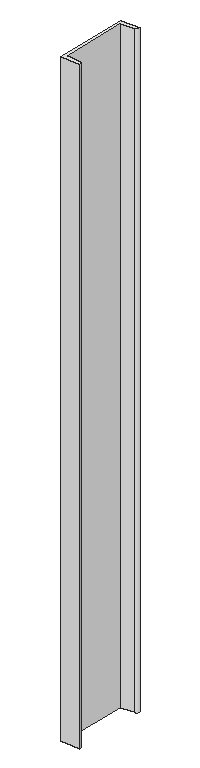
Revit family "M_C-Canal-Coluna", category Pilares estruturais, Revit 2019
Family settings
  Forma do corte = Não definido
  Material para o comportamento do modelo = Aço
  Exportar sempre como geometria = Não
  Redução da viga na planta = Da caixa de vinculação
  Corte com vazios quando carregada = Não
  Representação simbólica = Das configurações de projeto
  Compartilhado = Não
  Exibir o pré-corte da família na vista da planta = Sim
Parameters (values of type "C310X45")
  x = 17.1 mm
  W = 0.438
  Structural Material [instance] = Aço, 45-345
  Código de montagem = "B10"
  bf = 80.5 mm
  d = 305 mm
  tf = 12.7 mm
  tw = 13 mm
  A = 5690.00 mm²
Reference planes
  plane 1: y = 0
  plane 2: z = 0
  plane 3: x = 0
  plane 4: x = 63.4
  plane 5: y = 152.5
  plane 6: y = -152.5
  plane 7: x = -17.1
  plane 8: y = 139.8
  plane 9: y = -139.8
  plane 10: x = -4.1
  plane 11: x = 50.7
Forms (mm)
  Extrusion 1, solid, material "Aço, 45-345" <- "Structural Material", detail levels medium
    sketch origin (-22.1, 0, 0) x (1, 0, 0) y (0, 1, 0)
      loop
        line (85.5, 152.5) -> (5, 152.5) -> (5, -152.5) -> (85.5, -152.5) -> (85.5, -139.8) -> (18, -129.109) -> (18, 129.109) -> (85.5, 139.8) -> (85.5, 152.5)
    from 0 to 2500
  Extrusion 2, solid, material "Aço, 45-345" <- "Structural Material", detail levels fine
    sketch origin (-22.1, 0, 0) x (1, 0, 0) y (0, 1, 0)
      loop
        line (85.5, 152.5) -> (5, 152.5) -> (5, -152.5) -> (85.5, -152.5)
        arc (85.5, -152.5) -> (81.78, -143.52) -> (72.8, -139.8) r 12.7
        line (72.8, -139.8) -> (18, -131.121) -> (18, 131.121) -> (72.8, 139.8)
        arc (72.8, 139.8) -> (81.78, 143.52) -> (85.5, 152.5) r 12.7
    from 0 to 2500
Lines and regions (mm)
  symbolic lines, style "StructuralColumnStickSymbols", detail levels coarse
    curve 1: line (-17.1, 152.5, 0) -> (63.4, 152.5, 0)
    curve 2: line (-17.1, -152.5, 0) -> (63.4, -152.5, 0)
    curve 3: line (-17.1, 152.5, 0) -> (-17.1, -152.5, 0)
  symbolic lines, style "Faces ocultas", detail levels medium+fine
    curve 4: line (-4.1, 0, 2500) -> (-4.1, 0, 0)
    curve 5: line (-4.1, 129.109, 2500) -> (-4.1, 129.109, 0)
    curve 6: line (-4.1, -129.109, 0) -> (-4.1, -129.109, 2500)
Dimensions and locks
  equal spacing: plane 6, plane 1, plane 5
  "d": plane 6 to plane 5
  "bf": plane 7 to plane 4
  "tf": plane 5 to plane 8
  "tf": plane 6 to plane 9
  "tw": plane 7 to plane 10
  "tf": plane 11 to plane 4
  "x": plane 7 to plane 3
  "tf": radius of Extrusion 2 sketch curve  (x2)
  locked: plane 8 to Extrusion 1 sketch curve (angle 9.00°)
  locked: Extrusion 1 sketch curve to plane 9 (angle 9.00°)
  locked: Extrusion 2 sketch curve to plane 9 (angle 9.00°)
  angle plane 8 to Extrusion 2 sketch curve = 9.00°
  aligned and locked: level to plane 2
  aligned and locked: plane 7 to curve 2
  aligned and locked: plane 7 to curve 1
  aligned and locked: plane 4 to curve 2
  aligned and locked: plane 4 to curve 1
  aligned and locked: plane 5 to curve 1
  aligned and locked: plane 6 to curve 3
  aligned and locked: level to curve 4  (x2)
  aligned and locked: plane 10 to curve 4
  aligned and locked: plane 5 to Extrusion 1 sketch curve
  aligned and locked: Extrusion 1 sketch curve to plane 7
  aligned and locked: Extrusion 1 sketch curve to plane 6
  aligned and locked: plane 10 to Extrusion 1 sketch curve
  aligned and locked: plane 4 to Extrusion 1 sketch curve  (x4)
  aligned and locked: plane 9 to Extrusion 1 sketch curve
  aligned and locked: Extrusion 2 sketch curve to plane 5
  aligned and locked: plane 7 to Extrusion 2 sketch curve
  aligned and locked: plane 6 to Extrusion 2 sketch curve
  aligned and locked: Extrusion 2 sketch curve to plane 10
  aligned and locked: plane 11 to Extrusion 2 sketch curve  (x4)
  aligned and locked: plane 9 to Extrusion 2 sketch curve
  aligned and locked: plane 8 to Extrusion 2 sketch curve
  aligned and locked: level to Extrusion 2
  aligned and locked: level to Extrusion 1
  aligned and locked: Extrusion 1 to plane 2
  aligned and locked: Extrusion 2 to plane 2
  aligned and locked: level to curve 5
  aligned and locked: level to curve 6
  aligned and locked: plane 2 to curve 5
  aligned and locked: plane 2 to curve 6
  aligned and locked: curve 5 to Extrusion 1
  aligned and locked: curve 6 to Extrusion 1
Automatic sketch dimensions
  Extrusion 1 sketch curve to plane 8 = 0 mm
Types in the file's own list only (30): name | x | W | bf | d | tf | tw | A
  C380X74 | 20 mm | 0.73 | 94 mm | 381 mm | 17 mm | 18 mm | 9480.00 mm²
  C380X60 | 20 mm | 0.584 | 89 mm | 381 mm | 17 mm | 13 mm | 7580.00 mm²
  C380X50.4 | 20 mm | 0.495 | 86 mm | 381 mm | 17 mm | 10 mm | 6420.00 mm²
  C310X37 | 17 mm | 0.365 | 77 mm | 305 mm | 13 mm | 10 mm | 4730.00 mm²
  C310X30.8 | 18 mm | 0.302 | 75 mm | 305 mm | 13 mm | 7 mm | 3920.00 mm²
  C250X45 | 17 mm | 0.438 | 77 mm | 254 mm | 11 mm | 17 mm | 5690.00 mm²
  C250X37 | 16 mm | 0.365 | 73 mm | 254 mm | 11 mm | 13 mm | 4740.00 mm²
  C250X30 | 15 mm | 0.292 | 70 mm | 254 mm | 11 mm | 10 mm | 3790.00 mm²
  C250X22.8 | 16 mm | 0.223 | 66 mm | 254 mm | 11 mm | 6 mm | 2890.00 mm²
  C230X30 | 15 mm | 0.292 | 67 mm | 229 mm | 11 mm | 11 mm | 3790.00 mm²
  C230X22 | 15 mm | 0.219 | 63 mm | 229 mm | 11 mm | 7 mm | 2840.00 mm²
  C230X19.9 | 15 mm | 0.196 | 62 mm | 229 mm | 11 mm | 6 mm | 2540.00 mm²
  C200X27.9 | 14 mm | 0.274 | 64 mm | 203 mm | 10 mm | 12 mm | 3550.00 mm²
  C200X20.5 | 14 mm | 0.201 | 60 mm | 203 mm | 10 mm | 8 mm | 2600.00 mm²
  C200X17.1 | 15 mm | 0.168 | 57 mm | 203 mm | 10 mm | 6 mm | 2180.00 mm²
  C180X22 | 14 mm | 0.215 | 58 mm | 178 mm | 9 mm | 11 mm | 2790.00 mm²
  C180X18.2 | 13 mm | 0.179 | 56 mm | 178 mm | 9 mm | 8 mm | 2320.00 mm²
  C180X14.6 | 14 mm | 0.143 | 53 mm | 178 mm | 9 mm | 5 mm | 1850.00 mm²
  C150X19.3 | 13 mm | 0.19 | 55 mm | 152 mm | 9 mm | 11 mm | 2460.00 mm²
  C150X15.6 | 13 mm | 0.153 | 52 mm | 152 mm | 9 mm | 8 mm | 1980.00 mm²
  C150X12.2 | 13 mm | 0.12 | 49 mm | 152 mm | 9 mm | 5 mm | 1540.00 mm²
  C130X13 | 12 mm | 0.131 | 48 mm | 127 mm | 8 mm | 8 mm | 1700.00 mm²
  C130X10.4 | 12 mm | 0.098 | 45 mm | 127 mm | 8 mm | 5 mm | 1270.00 mm²
  C100X10.8 | 12 mm | 0.106 | 44 mm | 102 mm | 8 mm | 8 mm | 1370.00 mm²
  C100X8 | 12 mm | 0.079 | 40 mm | 102 mm | 8 mm | 5 mm | 1020.00 mm²
  C100X6.7 | 13 mm | 0.066 | 40 mm | 102 mm | 8 mm | 3 mm | 891.00 mm²
  C75X8.9 | 12 mm | 0.088 | 41 mm | 76 mm | 7 mm | 9 mm | 1140.00 mm²
  C75X7.4 | 11 mm | 0.073 | 38 mm | 76 mm | 7 mm | 7 mm | 947.00 mm²
  C75X6.1 | 11 mm | 0.06 | 36 mm | 76 mm | 7 mm | 4 mm | 777.00 mm²
  C75X5.2 | 11 mm | 0.051 | 35 mm | 76 mm | 7 mm | 3 mm | 703.00 mm²
